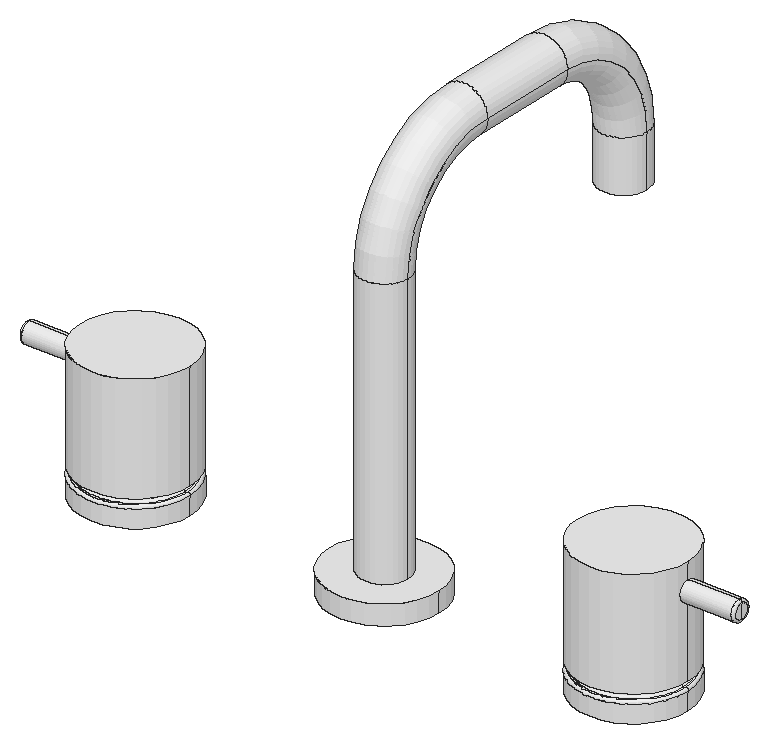
Revit family "Coolibah-contemporary-lever-basin-set-90334C5A", category Plumbing Fixtures, host Face, Revit 2015
Parameters (values of type "Coolibah-contemporary-lever-basin-set-90334C5A")
  Waste Connection = no
  Vent Connection = no
  URL = "https://www.caroma.com.au/"
  Model = "90334C5A"
  Material_Base = GWA_Metal-Chrome
  Manufacturer = "GWA Bathrooms & Kitchens"  # constant formula
  HW Connection = yes
  Description = "Coolibah-contemporary-lever-basin-set"
  Default Elevation = 900 mm
  CreatedBy_ANZRS = "GWA Bathrooms & Kitchens"  # constant formula
  CW Connection = yes
  Assembly Code = "C1030220"
Reference planes
  plane 1 "Center (Front/Back)": y = 0
  plane 2: z = 0
  plane 3 "Center (Left/Right)": x = 0
  plane 4 "Hot Handle": x = 100
  plane 5 "Cold Handle": x = -100
Forms (mm)
  Revolve 1, solid, material "GWA_Metal-Chrome" <- "Material_Base"
    sketch origin (0, 0, 0) x (1, 0, 0) y (0, 0, 1)
      loop
        line (-100, 0) -> (-100, 10.7) -> (-119, 10.7) -> (-119, 9)
        arc (-119, 9) -> (-119.293, 8.293) -> (-120, 8) r 1
        line (-120, 8) -> (-121, 8)
        arc (-121, 8) -> (-121.707, 7.707) -> (-122, 7) r 1
        line (-122, 7) -> (-122, 0) -> (-100, 0)
      axis (-100, 10.7) -> (-100, 0)
    angle from 0 to 360
  Extrusion 2, solid, material "GWA_Metal-Chrome" <- "Material_Base"
    sketch origin (0, 0, 0) x (1, 0, 0) y (0, 1, 0)
      loop
        circle (-100, 0) r 22
    from 10.7 to 53.7
  Revolve 3, solid, material "GWA_Metal-Chrome" <- "Material_Base"
    sketch origin (0, 0, 0) x (1, 0, 0) y (0, 0, 1)
      loop
        line (-115, 47.39) -> (-142.5, 47.39)
        arc (-142.5, 47.39) -> (-143.207, 47.098) -> (-143.5, 46.39) r 1
        line (-143.5, 46.39) -> (-143.5, 43.39) -> (-115, 43.39) -> (-115, 47.39)
      axis (-115, 43.39) -> (-143.5, 43.39)
    angle from 0 to 360
  Extrusion 4, solid, material "GWA_Metal-Chrome" <- "Material_Base"
    sketch origin (0, 0, 0) x (1, 0, 0) y (0, 1, 0)
      loop
        circle (0, 0) r 22
    from 0 to 8
  Sweep 5, solid, material "GWA_Metal-Chrome" <- "Material_Base"
    path origin (0, 0, 0) x (0, 1, 0) y (0, 0, 1)
      loop
        line (0, 8) -> (0, 116)
        arc (0, 116) -> (11.716, 144.284) -> (40, 156) r 40
        line (40, 156) -> (80, 156)
        arc (80, 156) -> (108.284, 144.284) -> (120, 116) r 40
        line (120, 116) -> (120, 95.3)
    profile origin (0, 0, 62) x (0, -1, 0) y (1, 0, 0)
      loop
        circle (0, 0) r 9.5
  Revolve 6, solid, material "GWA_Metal-Chrome" <- "Material_Base"
    sketch origin (0, 0, 0) x (-1, 0, 0) y (0, 0, 1)
      loop
        line (-100, 0) -> (-100, 10.7) -> (-119, 10.7) -> (-119, 9)
        arc (-119, 9) -> (-119.293, 8.293) -> (-120, 8) r 1
        line (-120, 8) -> (-121, 8)
        arc (-121, 8) -> (-121.707, 7.707) -> (-122, 7) r 1
        line (-122, 7) -> (-122, 0) -> (-100, 0)
      axis (-100, 10.7) -> (-100, 0)
    angle from 0 to 360
  Extrusion 7, solid, material "GWA_Metal-Chrome" <- "Material_Base"
    sketch origin (0, 0, 0) x (-1, 0, 0) y (0, -1, 0)
      loop
        circle (-100, 0) r 22
    from 10.7 to 53.7
  Revolve 8, solid, material "GWA_Metal-Chrome" <- "Material_Base"
    sketch origin (0, 0, 0) x (-1, 0, 0) y (0, 0, 1)
      loop
        line (-115, 47.39) -> (-142.5, 47.39)
        arc (-142.5, 47.39) -> (-143.207, 47.098) -> (-143.5, 46.39) r 1
        line (-143.5, 46.39) -> (-143.5, 43.39) -> (-115, 43.39) -> (-115, 47.39)
      axis (-115, 43.39) -> (-143.5, 43.39)
    angle from 0 to 360
Lines and regions (mm)
  Masking region 1
    outline origin (0, 0, 0) x (1, 0, 0) y (0, 0, 1)
      loop
        line (122, 53.7) -> (78, 53.7) -> (78, 10.7) -> (81, 10.7) -> (81, 9)
        arc (81, 9) -> (80.707, 8.293) -> (80, 8) r 1
        line (80, 8) -> (79, 8)
        arc (79, 8) -> (78.293, 7.707) -> (78, 7) r 1
        line (78, 7) -> (78, 0) -> (122, 0) -> (122, 7)
        arc (122, 7) -> (121.707, 7.707) -> (121, 8) r 1
        line (121, 8) -> (120, 8)
        arc (120, 8) -> (119.293, 8.293) -> (119, 9) r 1
        line (119, 9) -> (119, 10.7) -> (122, 10.7) -> (122, 39.39) -> (142.5, 39.39)
        arc (142.5, 39.39) -> (143.207, 39.683) -> (143.5, 40.39) r 1
        line (143.5, 40.39) -> (143.5, 46.39)
        arc (143.5, 46.39) -> (143.207, 47.098) -> (142.5, 47.39) r 1
        line (142.5, 47.39) -> (122, 47.39) -> (122, 53.7)
  Masking region 2
    outline origin (0, 0, 0) x (-1, 0, 0) y (0, 0, 1)
      loop
        line (122, 53.7) -> (78, 53.7) -> (78, 10.7) -> (81, 10.7) -> (81, 9)
        arc (81, 9) -> (80.707, 8.293) -> (80, 8) r 1
        line (80, 8) -> (79, 8)
        arc (79, 8) -> (78.293, 7.707) -> (78, 7) r 1
        line (78, 7) -> (78, 0) -> (122, 0) -> (122, 7)
        arc (122, 7) -> (121.707, 7.707) -> (121, 8) r 1
        line (121, 8) -> (120, 8)
        arc (120, 8) -> (119.293, 8.293) -> (119, 9) r 1
        line (119, 9) -> (119, 10.7) -> (122, 10.7) -> (122, 39.39) -> (142.5, 39.39)
        arc (142.5, 39.39) -> (143.207, 39.683) -> (143.5, 40.39) r 1
        line (143.5, 40.39) -> (143.5, 46.39)
        arc (143.5, 46.39) -> (143.207, 47.098) -> (142.5, 47.39) r 1
        line (142.5, 47.39) -> (122, 47.39) -> (122, 53.7)
  Masking region 3
    outline origin (0, 0, 0) x (0, 1, 0) y (0, 0, 1)
      loop
        line (110.5, 95.3) -> (129.5, 95.3) -> (129.5, 116)
        arc (129.5, 116) -> (115.002, 151.002) -> (80, 165.5) r 49.5
        line (80, 165.5) -> (40, 165.5)
        arc (40, 165.5) -> (4.998, 151.002) -> (-9.5, 116) r 49.5
        line (-9.5, 116) -> (-9.5, 53.7) -> (-22, 53.7) -> (-22, 10.7) -> (-19, 10.7) -> (-19, 9)
        arc (-19, 9) -> (-19.293, 8.293) -> (-20, 8) r 1
        line (-20, 8) -> (-21, 8)
        arc (-21, 8) -> (-21.707, 7.707) -> (-22, 7) r 1
        line (-22, 7) -> (-22, 0) -> (22, 0) -> (22, 7)
        arc (22, 7) -> (21.707, 7.707) -> (21, 8) r 1
        line (21, 8) -> (20, 8)
        arc (20, 8) -> (19.293, 8.293) -> (19, 9) r 1
        line (19, 9) -> (19, 10.7) -> (22, 10.7) -> (22, 53.7) -> (9.5, 53.7) -> (9.5, 116)
        arc (9.5, 116) -> (18.433, 137.567) -> (40, 146.5) r 30.5
        line (40, 146.5) -> (80, 146.5)
        arc (80, 146.5) -> (101.567, 137.567) -> (110.5, 116) r 30.5
        line (110.5, 116) -> (110.5, 95.3)
  Masking region 4
    outline origin (0, 0, 0) x (1, 0, 0) y (0, 0, 1)
      loop
        line (22, 0) -> (22, 8) -> (9.5, 8) -> (9.5, 156)
        arc (9.5, 156) -> (0, 165.5) -> (-9.5, 156) r 9.5
        line (-9.5, 156) -> (-9.5, 8) -> (-22, 8) -> (-22, 0) -> (22, 0)
  symbolic lines
    curve 1: circle (-100, 0, 0) r 22 normal (0, 0, 1)
    curve 2: circle (100, 0, 0) r 22 normal (0, 0, 1)
    curve 3: line (9.5, 0, 0) -> (9.5, 120, 0)
    curve 4: line (-9.5, 0, 0) -> (-9.5, 120, 0)
    curve 5: arc (-9.5, 120, 0) -> (0, 129.5, 0) -> (9.5, 120, 0) r 9.5
    curve 6: arc (-9.5, 19.843, 0) -> (0, -22, 0) -> (9.5, 19.843, 0) r 22
    curve 7: arc (-9.5, 0, 0) -> (0, -9.5, 0) -> (9.5, 0, 0) r 9.5
    curve 8: line (-121.633, 4, 0) -> (-142.5, 4, 0)
    curve 9: line (-121.633, -4, 0) -> (-142.5, -4, 0)
    curve 10: line (-143.5, 3, 0) -> (-143.5, -3, 0)
    curve 11: arc (-143.5, 3, 0) -> (-143.207, 3.707, 0) -> (-142.5, 4, 0) r 1
    curve 12: arc (-143.5, -3, 0) -> (-143.207, -3.707, 0) -> (-142.5, -4, 0) r 1
    curve 13: line (121.633, 4, 0) -> (142.5, 4, 0)
    curve 14: line (121.633, -4, 0) -> (142.5, -4, 0)
    curve 15: line (143.5, 3, 0) -> (143.5, -3, 0)
    curve 16: arc (143.5, 3, 0) -> (143.207, 3.707, 0) -> (142.5, 4, 0) r 1
    curve 17: arc (143.5, -3, 0) -> (143.207, -3.707, 0) -> (142.5, -4, 0) r 1
    curve 18: line (78, 0, 53.7) -> (122, 0, 53.7)
    curve 19: line (122, 0, 53.7) -> (122, 0, 47.39)
    curve 20: line (122, 0, 10.7) -> (78, 0, 10.7)
    curve 21: line (78, 0, 10.7) -> (78, 0, 53.7)
    curve 22: line (78, 0, 0) -> (78, 0, 7)
    curve 23: line (122, 0, 0) -> (122, 0, 7)
    curve 24: line (119, 0, 10.7) -> (119, 0, 9)
    curve 25: line (81, 0, 10.7) -> (81, 0, 9)
    curve 26: line (121, 0, 8) -> (120, 0, 8)
    curve 27: arc (81, 0, 9) -> (80.707, 0, 8.293) -> (80, 0, 8) r 1
    curve 28: arc (79, 0, 8) -> (78.293, 0, 7.707) -> (78, 0, 7) r 1
    curve 29: arc (122, 0, 7) -> (121.707, 0, 7.707) -> (121, 0, 8) r 1
    curve 30: line (80, 0, 8) -> (79, 0, 8)
    curve 31: arc (120, 0, 8) -> (119.293, 0, 8.293) -> (119, 0, 9) r 1
    curve 32: line (120, 0, 8) -> (80, 0, 8)
    curve 33: line (122, 0, 39.39) -> (142.5, 0, 39.39)
    curve 34: line (122, 0, 47.39) -> (142.5, 0, 47.39)
    curve 35: line (143.5, 0, 46.39) -> (143.5, 0, 40.39)
    curve 36: arc (143.5, 0, 46.39) -> (143.207, 0, 47.098) -> (142.5, 0, 47.39) r 1
    curve 37: arc (143.5, 0, 40.39) -> (143.207, 0, 39.683) -> (142.5, 0, 39.39) r 1
    curve 38: line (122, 0, 39.39) -> (122, 0, 10.7)
    curve 39: arc (122, 0, 47.39) -> (120.623, 0, 43.39) -> (122, 0, 39.39) r 6.5
    curve 40: line (-78, 0, 53.7) -> (-122, 0, 53.7)
    curve 41: line (-122, 0, 53.7) -> (-122, 0, 47.39)
    curve 42: line (-122, 0, 10.7) -> (-78, 0, 10.7)
    curve 43: line (-78, 0, 10.7) -> (-78, 0, 53.7)
    curve 44: line (-78, 0, 0) -> (-78, 0, 7)
    curve 45: line (-122, 0, 0) -> (-122, 0, 7)
    curve 46: line (-119, 0, 10.7) -> (-119, 0, 9)
    curve 47: line (-81, 0, 10.7) -> (-81, 0, 9)
    curve 48: line (-121, 0, 8) -> (-120, 0, 8)
    curve 49: arc (-81, 0, 9) -> (-80.707, 0, 8.293) -> (-80, 0, 8) r 1
    curve 50: arc (-79, 0, 8) -> (-78.293, 0, 7.707) -> (-78, 0, 7) r 1
    curve 51: arc (-122, 0, 7) -> (-121.707, 0, 7.707) -> (-121, 0, 8) r 1
    curve 52: line (-80, 0, 8) -> (-79, 0, 8)
    curve 53: arc (-120, 0, 8) -> (-119.293, 0, 8.293) -> (-119, 0, 9) r 1
    curve 54: line (-120, 0, 8) -> (-80, 0, 8)
    curve 55: line (-122, 0, 39.39) -> (-142.5, 0, 39.39)
    curve 56: line (-122, 0, 47.39) -> (-142.5, 0, 47.39)
    curve 57: line (-143.5, 0, 46.39) -> (-143.5, 0, 40.39)
    curve 58: arc (-143.5, 0, 46.39) -> (-143.207, 0, 47.098) -> (-142.5, 0, 47.39) r 1
    curve 59: arc (-143.5, 0, 40.39) -> (-143.207, 0, 39.683) -> (-142.5, 0, 39.39) r 1
    curve 60: line (-122, 0, 39.39) -> (-122, 0, 10.7)
    curve 61: arc (-122, 0, 47.39) -> (-120.623, 0, 43.39) -> (-122, 0, 39.39) r 6.5
    curve 62: line (22, 0, 0) -> (22, 0, 8)
    curve 63: line (-22, 0, 0) -> (-22, 0, 8)
    curve 64: line (22, 0, 0) -> (-22, 0, 0)
    curve 65: line (9.5, 0, 8) -> (9.5, 0, 156)
    curve 66: line (-9.5, 0, 8) -> (-9.5, 0, 156)
    curve 67: line (9.5, 0, 95.3) -> (-9.5, 0, 95.3)
    curve 68: line (0, -19, 53.7) -> (0, 22, 53.7)
    curve 69: line (0, 22, 53.7) -> (0, 22, 10.7)
    curve 70: line (0, 22, 10.7) -> (0, -22, 10.7)
    curve 71: line (0, -22, 0) -> (0, -22, 7)
    curve 72: line (0, 22, 0) -> (0, 22, 7)
    curve 73: line (0, 20, 8) -> (0, 21, 8)
    curve 74: line (0, -20, 8) -> (0, -21, 8)
    curve 75: circle (0, 0, 43.39) r 4 normal (1, 0, 0)
    curve 76: arc (0, -22, 7) -> (0, -21.707, 7.707) -> (0, -21, 8) r 1
    curve 77: arc (0, 21, 8) -> (0, 21.707, 7.707) -> (0, 22, 7) r 1
    curve 78: line (0, -19, 10.7) -> (0, -19, 9)
    curve 79: line (0, -22, 53.7) -> (0, -22, 10.7)
    curve 80: line (0, 19, 10.7) -> (0, 19, 9)
    curve 81: arc (0, -20, 8) -> (0, -19.293, 8.293) -> (0, -19, 9) r 1
    curve 82: arc (0, 19, 9) -> (0, 19.293, 8.293) -> (0, 20, 8) r 1
    curve 83: line (0, -20, 8) -> (0, 20, 8)
    curve 84: arc (0, 40, 165.5) -> (0, 4.998, 151.002) -> (0, -9.5, 116) r 49.5
    curve 85: arc (0, 40, 146.5) -> (0, 18.433, 137.567) -> (0, 9.5, 116) r 30.5
    curve 86: arc (0, 80, 165.5) -> (0, 115.002, 151.002) -> (0, 129.5, 116) r 49.5
    curve 87: arc (0, 80, 146.5) -> (0, 101.567, 137.567) -> (0, 110.5, 116) r 30.5
    curve 88: line (0, 110.5, 95.3) -> (0, 129.5, 95.3)
    curve 89: line (0, 9.5, 116) -> (0, 9.5, 53.7)
    curve 90: line (0, -9.5, 116) -> (0, -9.5, 53.7)
    curve 91: arc (9.5, 0, 156) -> (0, 0, 165.5) -> (-9.5, 0, 156) r 9.5
    curve 92: line (-22, 0, 8) -> (22, 0, 8)
Dimensions and locks
  aligned and locked: plane 2 to host face
  aligned and locked: level to host face
Connectors
  piping at (100, 0, 0), diameter 20
    settings: index 1, connector inside diameter 609.6 mm, connector length 0 mm, flow factor 0, pipe flow 0.0 L/s, pressure drop 0.0 Pa, fitting loss kfactor 0, connector angle 0.00°, fixture units 0, engagement length 0 mm, angle of deflection 0.00°, flow configuration 3, flow direction 1, fitting loss method 0, system type 19, joint type 0, gender type 0, connector reference index -1, connector utility 0, adjustable connector no, is connector primary yes, connector description ""
  piping at (-100, 0, 0), diameter 20
    settings: index 2, connector inside diameter 609.6 mm, connector length 0 mm, flow factor 0, pipe flow 0.0 L/s, pressure drop 0.0 Pa, fitting loss kfactor 0, connector angle 0.00°, fixture units 0, engagement length 0 mm, angle of deflection 0.00°, flow configuration 3, flow direction 1, fitting loss method 0, system type 20, joint type 0, gender type 0, connector reference index -1, connector utility 0, adjustable connector no, is connector primary no, connector description ""
